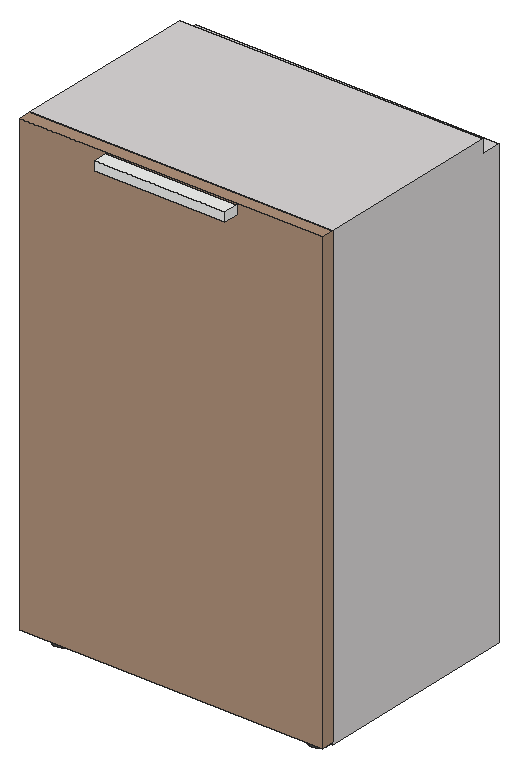
Revit family "Storage-Multi_Level_Workstations-Teknion-BSSRW_Recycling_Waste_Cabinet_for_Sec_Desk-R2018", category Furniture, Revit 2018
Family settings
  OmniClass Number = 23.40.20.00
  OmniClass Title = General Furniture and Specialties
  Work Plane-Based = No
  Always vertical = Yes
  Cut with Voids When Loaded = No
  Shared = Yes
  Room Calculation Point = No
Parameters (values of type "High Secondary Desk Height, 20" Secondary Desk Depth")
  Warranty = "http://www.teknion.com/ca/papers/legal-canada"
  Unit Weight URL = "http://www.teknion.com/ca/tools/assets#&asset=bee6a381-b954-425e-8283-5a2de3a804f2,f828d448-4b62-4231-9e5f-9a8991c0ed77"
  URL = "www.teknion.com"
  To render please download texture images found here [instance] = "https://assets.teknion.com/web/5e81352c1dfdb467/revit-material-swatches/"
  Sustainability Data = "https://www.teknion.com/ca/tools/assets#&topic=216f99a5-57a0-44fc-b10a-9dee9b29ae4c&asset=444deb64-fe58-4b68-981e-f75e97781df7,b4ff2d81-9f2e-437d-9659-7cffb09c31cf"
  Series = "Expansion Casegoods"  # constant formula
  Secondary Desk Height = 25.29921"
  Secondary Desk Depth = 11.835"
  Pull Finish [instance] = Paint - Teknion - Mica - Very White
  Product Page URL = "https://www.teknion.com/ca/products/product-details?productLineId=0053336e-8e7a-673b-a6c8-ff00004460c4"
  Product Line = "Expansion Casegoods"  # constant formula
  Product Documentation Link = "https://www.teknion.com/pricing/expansion-casegoods/pdfs/Bssrw_ppg.pdf"
  Position Note = "Choose one of the following options below based on the position of the storage cabinet relative to the Secondary Desk."  # constant formula
  Part Number = "BSSRW"  # constant formula
  Not In Front of Height-Adjustable Mechanism [instance] = not([In Front of Height-Adjustable Mechanism])  # no
  Model = "BSSRW__H2018"
  Manufacturer Phone = "416-661-3370"  # constant formula
  Manufacturer Fax = "416.661.4586"  # constant formula
  Manufacturer Contact Information = "http://www.teknion.com/ca/contactus"
  Manufacturer Address = "1150 Flint Road, Toronto, ON. M3J 2J5. Canada"  # constant formula
  Manufacturer = "Teknion"  # constant formula
  Located at the End of a 1" Thick Secondary Desk [instance] = no
  Located at the End of a 1 9/16" Thick Secondary Desk [instance] = yes
  Located at the End of a 1 3/16" Thick Secondary Desk [instance] = no
  Located at the Center of a Secondary Desk [instance] = not(or([Located at the End of a 1" Thick Secondary Desk], [Located at the End of a 1 3/16" Thick Secondary Desk], [Located at the End of a 1 9/16" Thick Secondary Desk]))  # no
  In Front of Height-Adjustable Mechanism [instance] = yes
  How To Use Teknion Materials User Guide [instance] = "https://assets.teknion.com/m/205dd0a49fa58060/original/How-to-add-a-Material-Library-and-Texture-Images-to-your-Revit-project.pdf"
  Front Finish [instance] = Source Laminate - Teknion - 3M - Provincial Oak
  For Additional Finishes please visit [instance] = "https://assets.teknion.com/m/44a8009b046e5d47/original/Teknion_Materials_Library.zip"
  Description = "Recycling/Waste Cabinet for Secondary Desk, High Secondary Desk Height, 20\" Secondary Desk Depth, 18\" Width"
  Case Finish [instance] = Laminate - Teknion - 2T -Crisp Grey
  Assembly Code = "E2020200"
  Actual Width [instance] = if(or([Located at the End of a 1" Thick Secondary Desk], [Located at the End of a 1 3/16" Thick Secondary Desk]), 16.775", if([Located at the End of a 1 9/16" Thick Secondary Desk], 16.236", 17.910"))  # 16.236"
Types (5): name | Secondary Desk Height | Secondary Desk Depth | Model | Located at the End of a 1 9/16" Thick Secondary Desk | Located at the Center of a Secondary Desk | Description | Actual Width
  (no name) | 25.29921" | 11.835" | "BSSRW__H2018" | yes | no | "Recycling/Waste Cabinet for Secondary Desk, High Secondary Desk Height, 20\" Secondary Desk Depth, 18\" Width" | 16.236"
  High Secondary Desk Height, 20" Secondary Desk Depth | 25.29921" | 11.835" | "BSSRW__H2018" | yes | no | "Recycling/Waste Cabinet for Secondary Desk, High Secondary Desk Height, 20\" Secondary Desk Depth, 18\" Width" | 16.236"
  Low Secondary Desk Height, 20" Secondary Desk Depth | 15.748" | 11.835" | "BSSRW__L2018" | no | yes | "Recycling/Waste Cabinet for Secondary Desk, Low Secondary Desk Height, 20\" Secondary Desk Depth, 18\" Width" | 17.910"
  High Secondary Desk Height, 24" Secondary Desk Depth | 25.29921" | 15.835" | "BSSRW__H2418" | no | yes | "Recycling/Waste Cabinet for Secondary Desk, High Secondary Desk Height, 24\" Secondary Desk Depth, 18\" Width" | 17.910"
  Low Secondary Desk Height, 24" Secondary Desk Depth | 15.748" | 15.835" | "BSSRW__L2418" | no | yes | "Recycling/Waste Cabinet for Secondary Desk, Low Secondary Desk Height, 24\" Secondary Desk Depth, 18\" Width" | 17.910"
Reference planes (in)
  plane 1 "Center Front/Back": y = -0.02862
  plane 2: z = 0
  plane 3 "Center Left/Right": x = 0.29232
  plane 4 "Left": x = -7.82568
  plane 5 "Right": x = 8.41032
  plane 6 "Back": y = 5.88888
  plane 7 "Front": y = -5.94612
  plane 8 "Top": z = 25.29921
  plane 9: y = 4.80996
  plane 10: z = 0.60236
  plane 11: y = -5.24515
  plane 12: z = 24.59843
Forms (in)
  Sweep 1, solid, material "Laminate - Teknion - 2T -Crisp Grey" <- "Case Finish"
    path origin (0, 0, 0) x (1, 0, 0) y (0, 1, 0)
      loop
        line (8.41032, -0.02862) -> (-7.82568, -0.02862)
    profile origin (0.29232, -0.02862, 0) x (0, -1, 0) y (0, 0, 1)
      loop
        line (-5.9175, 0.60236) -> (5.21654, 0.60236) -> (5.21654, 25.29921) -> (-4.83858, 25.29921) -> (-4.83858, 24.59843) -> (-5.9175, 24.59843) -> (-5.9175, 0.60236)
  Sweep 2, solid, material "Source Laminate - Teknion - 3M - Provincial Oak" <- "Front Finish"
    path origin (0, 0, 0) x (1, 0, 0) y (0, 1, 0)
      loop
        line (8.41032, -5.49515) -> (-7.82568, -5.49515)
    profile origin (0.29232, -5.49515, 0) x (0, -1, 0) y (0, 0, 1)
      loop
        line (0.45096, 0.72047) -> (0.45096, 25.29921) -> (-0.25, 25.29921) -> (-0.25, 0.72047) -> (0.45096, 0.72047)
  Sweep 3, solid, material "Paint - Teknion - Mica - Very White" <- "Pull Finish"
    path origin (0, 0, 0) x (1, 0, 0) y (0, 1, 0)
      loop
        line (-3.20768, -6.34518) -> (3.79232, -6.34518)
    profile origin (0.29232, -6.34518, 0) x (0, 1, 0) y (0, 0, 1)
      loop
        line (-0.35273, 24.74016) -> (0.39906, 24.74016) -> (0.39906, 25.24016) -> (-0.35273, 25.24016) -> (-0.35273, 24.74016)
  Sweep 4, solid, material "Plastic - Teknion - E - Ebony"
    path origin (0, -0.02862, 0) x (1, 0, 0) y (0, 0, 1)
      loop
        line (0.29232, 0) -> (0.29232, 0.60236)
    profile origin (0.29232, -0.02862, 0.30118) x (-1, 0, 0) y (0, -1, 0)
      loop
        circle (6.8586, -5.27886) r 0.5
      loop
        circle (-6.86058, -5.27886) r 0.5
      loop
        circle (6.8586, 4.5786) r 0.5
      loop
        circle (-6.86058, 4.5786) r 0.5
Lines and regions (in)
  Masking region 1
    outline origin (0, 0, 0) x (1, 0, 0) y (0, 1, 0)
      loop
        line (-7.82568, 5.88888) -> (-7.82568, -5.94612) -> (8.41032, -5.94612) -> (8.41032, 5.88888) -> (-7.82568, 5.88888)
  Masking region 2
    outline origin (0, 0, 0) x (1, 0, 0) y (0, 1, 0)
      loop
        line (-3.20768, -5.94612) -> (-3.20768, -6.69791) -> (3.79232, -6.69791) -> (3.79232, -5.94612) -> (-3.20768, -5.94612)
  symbolic lines, style "Furniture"
    curve 1: line (8.41032, 4.80996, 0) -> (-7.82568, 4.80996, 0)
    curve 10: line (8.41032, -5.24515, 0) -> (-7.82568, -5.24515, 0)
  symbolic lines, style "FurnitureHiddenLines", detail levels fine
    curve 2: arc (-7.06628, 5.25024, 0) -> (-6.56628, 5.75024, 0) -> (-6.06628, 5.25024, 0) r 0.5
    curve 3: arc (-6.06628, 5.25024, 0) -> (-6.56628, 4.75024, 0) -> (-7.06628, 5.25024, 0) r 0.5
    curve 4: arc (6.6529, 5.25024, 0) -> (7.1529, 5.75024, 0) -> (7.6529, 5.25024, 0) r 0.5
    curve 5: arc (7.6529, 5.25024, 0) -> (7.1529, 4.75024, 0) -> (6.6529, 5.25024, 0) r 0.5
    curve 6: arc (6.6529, -4.60722, 0) -> (7.1529, -4.10722, 0) -> (7.6529, -4.60722, 0) r 0.5
    curve 7: arc (7.6529, -4.60722, 0) -> (7.1529, -5.10722, 0) -> (6.6529, -4.60722, 0) r 0.5
    curve 8: arc (-7.06628, -4.60722, 0) -> (-6.56628, -4.10722, 0) -> (-6.06628, -4.60722, 0) r 0.5
    curve 9: arc (-6.06628, -4.60722, 0) -> (-6.56628, -5.10722, 0) -> (-7.06628, -4.60722, 0) r 0.5
Dimensions and locks (in)
  equal spacing: plane 4 "Left", plane 3 "Center Left/Right", plane 5 "Right"
  equal spacing: plane 6 "Back", plane 1 "Center Front/Back", plane 7 "Front"
  "Secondary Desk Height": plane 8 "Top" to level
  "Secondary Desk Depth": plane 6 "Back" to plane 7 "Front"
  "Actual Width": plane 4 "Left" to plane 5 "Right"
  locked: plane 9 to plane 7 "Front" at 10.75608
  locked: plane 10 to level at 0.60236
  locked: plane 11 to plane 7 "Front" at 0.70096
  locked: plane 8 "Top" to plane 12 at 0.70079
  locked: Sweep 2 sketch curve to plane 10 at 0.11811
  Sweep 3 sketch curve to plane 3 "Center Left/Right" to Sweep 3 sketch curve = 3.500" locked, 3.500" locked
  locked: plane 8 "Top" to Sweep 3 sketch curve at 0.05906
  locked: Sweep 3 sketch curve to plane 7 "Front" at 0.75179
  locked: Sweep 3 sketch curve to plane 12 at 0.14173
  locked: plane 6 "Back" to Sweep 4 sketch curve at 0.63864  (x2)
  locked: plane 4 "Left" to Sweep 4 sketch curve at 1.2594  (x2)
  locked: Sweep 4 sketch curve to plane 5 "Right" at 1.25742  (x2)
  locked: plane 7 "Front" to Sweep 4 sketch curve at 1.3389  (x2)
  aligned and locked: level to plane 2
  aligned and locked: plane 4 "Left" to Sweep 1 sketch curve
  aligned and locked: plane 5 "Right" to Sweep 1 sketch curve
  aligned and locked: plane 11 to Sweep 1 sketch curve
  aligned and locked: Sweep 1 sketch curve to plane 10
  aligned and locked: Sweep 1 sketch curve to plane 6 "Back"
  aligned and locked: Sweep 1 sketch curve to plane 8 "Top"
  aligned and locked: Sweep 1 sketch curve to plane 9
  aligned and locked: Sweep 1 sketch curve to plane 12
  aligned and locked: plane 5 "Right" to Sweep 2 sketch curve
  aligned and locked: plane 4 "Left" to Sweep 2 sketch curve
  aligned and locked: plane 7 "Front" to Sweep 2 sketch curve
  aligned and locked: Sweep 2 sketch curve to plane 11
  aligned and locked: Sweep 2 sketch curve to plane 8 "Top"
  aligned and locked: plane 7 "Front" to Sweep 3 sketch curve
  aligned and locked: plane 10 to Sweep 4 sketch curve
  aligned and locked: level to Sweep 4 sketch curve
  aligned and locked: Masking region 1 sketch curve to plane 4 "Left"
  aligned and locked: Masking region 1 sketch curve to plane 6 "Back"
  aligned and locked: Masking region 1 sketch curve to plane 5 "Right"
  aligned and locked: Masking region 1 sketch curve to plane 7 "Front"
  aligned and locked: curve 1 to Sweep 1
  aligned and locked: curve 2 to Sweep 4
  aligned and locked: curve 3 to Sweep 4
  aligned and locked: curve 4 to Sweep 4
  aligned and locked: curve 5 to Sweep 4
  aligned and locked: curve 6 to Sweep 4
  aligned and locked: curve 7 to Sweep 4
  aligned and locked: curve 8 to Sweep 4
  aligned and locked: curve 9 to Sweep 4
  aligned and locked: curve 10 to Sweep 2
  aligned and locked: Masking region 2 sketch curve to Sweep 3  (x4)
Automatic sketch dimensions
  Sweep 1 sketch curve to plane 1 "Center Front/Back" = 0.000"
  plane 11 to Sweep 2 sketch curve = 0.250"
  plane 7 "Front" to Sweep 3 sketch curve = 0.39906"
  Sweep 4 sketch curve to plane 3 "Center Left/Right" = 0.000"
  curve 1 to plane 4 "Left" = 0.000"
  curve 1 to plane 5 "Right" = 0.000"
  curve 10 to plane 4 "Left" = 0.000"
  curve 10 to plane 5 "Right" = 0.000"
  radius of Sweep 4 sketch curve = 0.500"  (x4)
